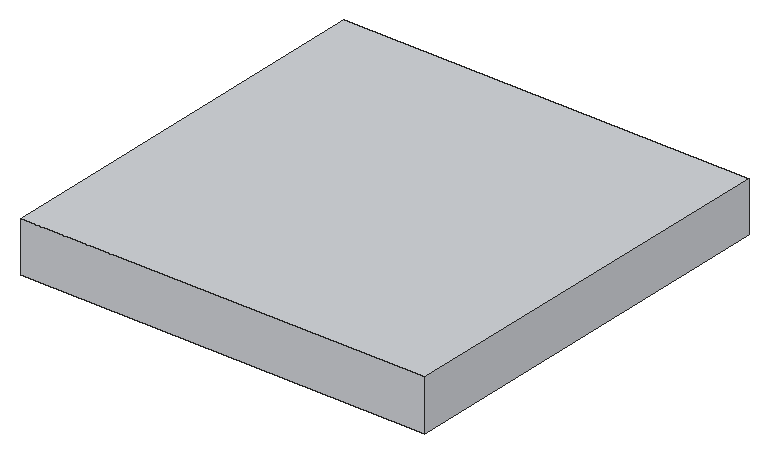
Revit family "15-7888-60-00", category Luminarias, Revit 2017
Family settings
  Anfitrión = Cara
  Cota de conector redondo = Diámetro de uso
  Tipo de pieza = Normal
  Número OmniClass = 23.80.70.00
  Título OmniClass = Lighting
  Corte con vacíos al cargar = No
  Origen de luz = No
  Compartido = Sí
  Punto de cálculo de habitación = No
Parameters (values of type "15-7888-60-00")
  Versión = "v1"
  Vatios (W) = 13.5
  Tipo de regulación = ""
  Tipo = "Bajo Voltage"
  Tender text (English) = "LEDS C4\nBento Low Voltage\n15-7888-60-00\n\nDownlight for indoor use. \n\nFor downlighting. Structure material: Aluminium, Polycarbonate. Structure finish: Black. Warranty: 5 Years.\n\nProduct net weight (Kg): 0.000\nProduct length (mm): 194\nProduct width or diameter (mm): 22\nProduct height (mm): 42.5\n\nClass 3. IP: IP20. LED. No. of lampholders or LEDs: 12. LED brand: NICHIA. Driver brand: TITANIC. Maximum power of light source: 12W. Colour temperature: LED warm-white 2700K. Colour rendering index: 90. MacAdam Steps: 3. Maximum diameter of luminaire bulb: 50.000h L80B20. UGR:  6.6. Photobiological risk: RG2. Real flux (lm): 1082. Lm/Real W: 80. Voltage and frequency range: 48. Voltage: 3. Gear included: No. Total power: 13.5."
  Tender text (Castellano) = "LEDS C4\nBento Low Voltage\n15-7888-60-00\n\nLuminària de techo de uso interior para iluminar hacia abajo. \nMaterial estructura: Aluminio, Policarbonato. Acabado estructura: Negro. Garantía: 5 Años.\n\nPeso neto del producto (Kg): 0.000\nLongitud del producto (mm): 194\nAnchura o diámetro del producto (mm): 22\nAltura del producto (mm): 42.5\n\nClase 3. IP: IP20. LED. Nº de portalámparas o Leds: 12. Marca del LED: NICHIA. Marca del Driver: TITANIC. Potencia máxima de la fuente de luz: 12W. Temperatura de color: Blanco cálido - 2700K. Índice de reproducción cromática: 90. Steps Mac Adam: 3. Diámetro máximo de la bombilla que admite la luminaria: 50.000h L80B20. UGR:  6.6. Riesgo fotobiológico: RG2. Flujo real (lm): 1082. Lm/W reales: 80. Rango de voltaje/frecuencia: 48. Voltaje: 3. Equipo incluido: No. Potencia total: 13.5."
  Temperatura color led (K) = "Blanco cálido - 2700K"
  Referencia = "15-7888-60-00"
  Rayo de luz = "MEDIUM"
  Producto descatalogado = "Catalogado ES"
  Pluma comercial = ""
  Peso neto (KG) = 0
  Material = "Aluminio, Policarbonato"
  Lumenes reales (lm) = 1082
  LDT = "http://files.leds-c4.com/ldt/15-7888-60-00.html"
  Imagen web = "http://files.leds-c4.com/main-photo/15-7888-60-00"
  IfcExportType = "NOTDEFINED"
  IfcExportAs = "IfcLightFixture\r\nIfcLightFixture"
  IP = "IP20"
  IMC = "http://files.leds-c4.com/imc/15-7888-60-00.html"
  IK = ""
  Fuente de luz = ""
  Fotometría = "http://files.leds-c4.com/fm/15-7888-60-00.html"
  Ficha = "http://files.leds-c4.com/ft/es/15-7888-60-00.html"
  FechaVersion = "Julio 2020"
  Familia = "Bento Low Voltage"
  Fabricante = "LEDS C4"
  Etiqueta V/f = "48 VDC"
  Elevación por defecto = 1000 mm
  Eficiencia energética = "LED A++"
  EAN13 = "8435575370357"
  DescripcionUniformat2010 = "Lighting"
  DescripcionUniclass2015 = "Lighting"
  DescripcionOmniclass = "Lighting"
  DescripcionGubimclass = "Iluminación interior"
  CodigoUniformat2010 = "D5040"
  CodigoUniclass2015 = "EF_70_80"
  CodigoOmniclass = "21-04 50 40"
  CodigoGubimclass = "50.60.50.20"
  Catálogo = "Technical"
  Carga aparente = 0 VA
  CRI = 90
  Acabado = "Negro"
Types (2, lengths in mm): name | Lumenes reales (lm) | CRI
  (no name) | 0 | 0
  15-7888-60-00 | 1082 | 90
Values of the unnamed type that differ from the named types
  Vatios (W) = 0
  Tipo = ""
  Tender text (English) = ""
  Tender text (Castellano) = ""
  Temperatura color led (K) = ""
  Referencia = ""
  Rayo de luz = ""
  Producto descatalogado = ""
  Material = ""
  LDT = ""
  Imagen web = ""
  IP = ""
  IMC = ""
  Fotometría = ""
  Ficha = ""
  Familia = ""
  Etiqueta V/f = ""
  Eficiencia energética = ""
  EAN13 = ""
  Catálogo = ""
  Acabado = ""
Reference planes
  plane 1 "Centro (Frontal/Posterior)": y = 0
  plane 2: z = 0
  plane 3 "Centro (Izquierda/Derecha)": x = 0
  plane 4 "Elevación de origen de luz": z = 0
  plane 5 "Eje de origen de luz (F/P)": y = 0
  plane 6 "Eje de origen de luz (I/D)": x = 0
Forms (mm)
  Extrusion 1, solid
    sketch origin (0, 0, 0) x (1, 0, 0) y (0, 1, 0)
      loop
        line (-1219.2, 1219.2) -> (-1219.2, -1219.2) -> (1219.2, -1219.2) -> (1219.2, 1219.2) -> (-1219.2, 1219.2)
    from 0 to -304.8
Dimensions and locks
  aligned and locked: plane 2 to Extrusion 1
  aligned and locked: level to Extrusion 1
Nested families
  nested 1: "Luz anidada" at (0.002, 87.45, 7.186), type "Tipo1"
  nested 2: "Luz anidada" at (-0.004, 71.55, 8.211), type "Tipo1"
  nested 3: "Luz anidada" at (0.004, 55.65, 7.186), type "Tipo1"
  nested 4: "Luz anidada" at (0.006, 39.75, 7.186), type "Tipo1"
  nested 5: "Luz anidada" at (0.007, 23.85, 7.186), type "Tipo1"
  nested 6: "Luz anidada" at (-0.004, 7.952, 8.411), type "Tipo1"
  nested 7: "Luz anidada" at (0.009, -7.95, 7.186), type "Tipo1"
  nested 8: "Luz anidada" at (0.008, -23.85, 7.186), type "Tipo1"
  nested 9: "Luz anidada" at (0.006, -39.75, 7.186), type "Tipo1"
  nested 10: "Luz anidada" at (0.005, -55.65, 7.186), type "Tipo1"
  nested 11: "Luz anidada" at (0.003, -71.55, 7.186), type "Tipo1"
  nested 12: "Luz anidada" at (0.002, -87.45, 7.186), type "Tipo1"
Connectors
  electrical at (0, 0, 0)
    settings: on Extrusion 1, index 1, voltage 0 V, apparent load 0 VA, apparent load phase1 0 VA, apparent load phase2 0 VA, apparent load phase3 0 VA, power factor 1, load classification "Otro", number of poles 1, system type 31, power factor state 1, is connector primary yes, connector utility no, sub classification motor no, connector description ""
Definition of nested family "Luz anidada"
  Parameters (values of type "Tipo1")
    Tilt Angle = 90.00°
    Wattage = 1.125 W
    Tipo de regulación = ""
    Tipo = ""
    Tender text = ""
    built-in parameter 1150110 = 1 (stored number, unit not read)
    Pluma comercial = ""
    Material = ""
    Imagen = ""
    IP = ""
    IMC = ""
    IK = ""
    Fotometría = ""
    Ficha = ""
    Familia = ""
    Estado en catálogo = ""
    Peso neto = ""
    Lamp = ""
    built-in parameter 1114217 = 1 (stored number, unit not read)
    built-in parameter 1150109 = 1 (stored number, unit not read)
    Etiqueta vf = ""
    Eficiencia energética = ""
    EAN13 = ""
    built-in parameter 1150134 = (empty or 0)
    built-in parameter 1150113 = 1 (stored number, unit not read)
    Lumens = 2391 lm
    built-in parameter 1150115 = 1 (stored number, unit not read)
    built-in parameter 1150105 = 109.82 (stored number, unit not read)
    built-in parameter 1150137 = (empty or 0)
    built-in parameter 1150139 = (empty or 0)
    built-in parameter 1150112 = 1 (stored number, unit not read)
    built-in parameter 1150114 = 1 (stored number, unit not read)
    built-in parameter 1150132 = (empty or 0)
    built-in parameter 1150102 = (empty or 0)
    built-in parameter 1150138 = (empty or 0)
    built-in parameter 1150107 = 2700 (stored number, unit not read)
    built-in parameter 1150106 = 1.0982 (stored number, unit not read)
    built-in parameter 1150104 = 7.446 (stored number, unit not read)
    Catálogo = ""
    Dimming Lamp Color Temperature Shift = (empty or 0)
    Color Filter = 16777215
    built-in parameter 1114218 = 1 (stored number, unit not read)
    CRI = 0
    Photometric Web File = "15-7888-60-00.ies"
    Acabado = ""
    built-in parameter 1150133 = 10 (stored number, unit not read)
  Values of the unnamed type that differ from the named types
    Wattage = 1.62 W
    built-in parameter 1150107 = 3000 (stored number, unit not read)
    built-in parameter 1150104 = 6.8129 (stored number, unit not read)
  Reference planes
    plane 1 "Eje de origen de luz (F/P)": y = 0
    plane 2: z = 0
    plane 3 "Eje de origen de luz (I/D)": x = 0
    plane 4 "Elevación de origen de luz": z = 0
  Dimensions and locks
    aligned and locked: plane 3 "Eje de origen de luz (I/D)" to imposter light
    aligned and locked: plane 1 "Eje de origen de luz (F/P)" to imposter light
    aligned and locked: plane 4 "Elevación de origen de luz" to imposter light
    aligned and locked: level to plane 2
